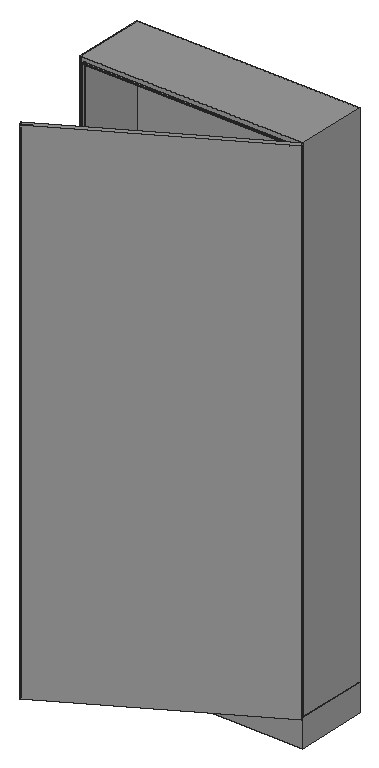
Revit family "Hager-Univers-IP55-D275-H1950-Cl.II-Steel_encl-NoHosted-NL-en", category Equipement électrique, Revit 2020
Family settings
  Configuration du panneau = Deux colonnes, circuits au sein
  Cote de connecteur circulaire = Utiliser le diamètre
  Type d'élément = Tableau de raccordement
  Basée sur le plan de construction = Oui
  Toujours verticalement = Oui
  Couper avec des vides une fois chargée = Non
  Partagée = Non
  Point de calcul de pièce = Non
Parameters (values of type "Floor installation IP55 W800 H1950 D275  - FR23S1")
  Width Control [instance] = if([EF000008 - Width] > Min Width, [EF000008 - Width], Min Width)  # 800 mm
  Commentaires du type = [HG000003 - Range]  # "Univers"
  Thickness Door [instance] = if([EF009171 - Material plate thickness door/cover] > 3 mm, 3 mm, [EF009171 - Material plate thickness door/cover])  # 1.5 mm
  Seal Frame Offset [instance] = 17 mm  # constant formula
  Plinth Visibility [instance] = [HG000027 - Plinth height] > 0 mm  # yes
  Min Width [instance] = 100 mm  # constant formula
  Min Depth [instance] = (2 * [EF009170 - Material plate thickness cabinet]) + 1 mm  # 4 mm
  Min Height [instance] = 100 mm  # constant formula
  Internal Frame Depth [instance] = (Door System Depth * 0.5)  # 9 mm
  Panel Name [instance] = ""  # (empty or 0)
  Model = ""
  HG000027 - Plinth height = 100 mm
  HG000026 - Floor standing = yes
  HG000024 - Bottom section height = 600 mm
  HG000023 - Double section enclosure = no
  HG000016 - Door 3d visibility [instance] = yes
  HG000015 - Clearance visibility [instance] = no
  HG000014 - Door on the right [instance] = yes
  HG000013 - Door on the left [instance] = not([HG000014 - Door on the right])  # no
  HG000012 - Door swing angle [instance] = 30.00°
  HG000010 - Asymmetric doors = no
  HG000009 - Double swing door = no
  HG000006 - Flush mounted = no
  HG000004 - Manufacturer reference = "FR23S1"
  HG000003 - Range = "Univers"
  HG000002 - With door or cover = yes
  Frame Offset Bottom [instance] = 10 mm  # constant formula
  Frame Offset [instance] = 15 mm  # constant formula
  EF015940 - Cover with overpressure release = no
  EF011959 - Degree of protection (NEMA) = ""
  EF009554 - Number of openings for flange plates = 6
  EF009212 - Cover model = "EV000116 - Closed"
  EF009171 - Material plate thickness door/cover = 1.5 mm
  EF009170 - Material plate thickness cabinet = 1.5 mm
  EF008873 - Nominal current (In) = 800 A
  EF007800 - Suitable for lightning protection = no
  EF006306 - With lock = no
  EF006244 - Transparent cover/door = no
  EF005474 - Degree of protection (IP) = "EV006420 - IP55"
  EF004464 - Type of door = "EV002646 - Single"
  EF004427 - Number of modules = 432
  EF004293 - Impact strength = "EV008784 - IK10"
  EF003532 - Suitable for outdoor use = no
  EF002950 - Width in number of modular spacings = 24
  EF001613 - Circuit integrity = "EV000494 - None"
  EF001596 - Material housing = "EV000179 - Steel"
  EF001131 - Internal depth = 275 mm
  EF001088 - Extension possible = yes
  EF000437 - Number of conduit inlets = 6
  EF000339 - Type of cover = "EV004216 - Door"
  EF000266 - Number of rows = 12
  EF000218 - Built-in depth = 0 mm
  EF000118 - With mounting plate = no
  EF000116 - RAL-number = "7035"
  EF000049 - Depth = 275 mm
  EF000040 - Height = 1950 mm
  EF000008 - Width = 800 mm
  EF000007 - Colour = "EV000270 - Grey"
  EF000003 - Mounting method = "EV012274 - Floor installation"
  Door System Leaf Tolerance [instance] = 1.5 mm  # constant formula
  Door System Depth [instance] = 18 mm  # constant formula
  Door Height [instance] = Height Control - [HG000027 - Plinth height]  # 1850 mm
  Description = ""
  Default Elevation = 1219.2 mm
  Connector Offset [instance] = Height Control / 2  # 975 mm
  Fabricant = "Hager"  # constant formula
  Height Control [instance] = if([EF000040 - Height] > Min Height, [EF000040 - Height], Min Height)  # 1950 mm
  Depth Control [instance] = if([EF000049 - Depth] > Min Depth, [EF000049 - Depth], Min Depth)  # 275 mm
  Bottom Top Plate Trim [instance] = 1.5 mm  # constant formula
  Plinth height Ctrl [instance] = if([HG000027 - Plinth height] > 0 mm, [HG000027 - Plinth height], 12 mm)  # 100 mm
Types (11, lengths in mm): name | Width Control | HG000010 - Asymmetric doors | HG000009 - Double swing door | HG000004 - Manufacturer reference | EF009554 - Number of openings for flange plates | EF006244 - Transparent cover/door | EF004464 - Type of door | EF004427 - Number of modules | EF000437 - Number of conduit inlets | EF000008 - Width
  Floor installation IP55 W1050 H1950 D275  - FR24L1 | 1050 | yes | yes | "FR24L1" | 8 | yes | "EV003602 - Double" | 576 | 8 | 1050
  Floor installation IP55 W1050 H1950 D275  - FR24S1 | 1050 | yes | yes | "FR24S1" | 8 | no | "EV003602 - Double" | 576 | 8 | 1050
  Floor installation IP55 W1300 H1950 D275  - FR25L1 | 1300 | yes | yes | "FR25L1" | 10 | yes | "EV003602 - Double" | 720 | 10 | 1300
  Floor installation IP55 W1300 H1950 D275  - FR25S1 | 1300 | yes | yes | "FR25S1" | 10 | no | "EV003602 - Double" | 720 | 10 | 1300
  Floor installation IP55 W1550 H1950 D275  - FR26L1 | 1550 | yes | yes | "FR26L1" | 12 | yes | "EV003602 - Double" | 864 | 12 | 1550
  Floor installation IP55 W1550 H1950 D275  - FR26S1 | 1550 | yes | yes | "FR26S1" | 12 | no | "EV003602 - Double" | 864 | 12 | 1550
  Floor installation IP55 W300 H1950 D275  - FR21S1 | 300 | no | no | "FR21S1" | 2 | no | "EV002646 - Single" | 144 | 2 | 300
  Floor installation IP55 W550 H1950 D275  - FR22L1 | 550 | no | no | "FR22L1" | 4 | yes | "EV002646 - Single" | 288 | 4 | 550
  Floor installation IP55 W550 H1950 D275  - FR22S1 | 550 | no | no | "FR22S1" | 4 | no | "EV002646 - Single" | 288 | 4 | 550
  Floor installation IP55 W800 H1950 D275  - FR23L1 | 800 | no | no | "FR23L1" | 6 | yes | "EV002646 - Single" | 432 | 6 | 800
  Floor installation IP55 W800 H1950 D275  - FR23S1 | 800 | no | no | "FR23S1" | 6 | no | "EV002646 - Single" | 432 | 6 | 800
Reference planes
  plane 1 "Center (Front/Back)": y = 0
  plane 2: z = 0
  plane 3 "Center (Left/Right)": x = 0
  plane 4: y = 0
  plane 5: y = 0
  plane 6: z = 0
  plane 7: x = -400
  plane 8: x = 400
  plane 9: x = 398.5
  plane 10: x = -398.5
  plane 11: z = 100
  plane 12: z = 101.5
  plane 13: y = -275
  plane 14: y = -1.5
  plane 15: x = 0
  plane 16: y = -257
  plane 17: y = -273.5
  plane 18: y = -255.5
  plane 19: x = -383.5
  plane 20: x = 383.5
  plane 21: z = 111.5
  plane 22: x = -383
  plane 23: x = 383
  plane 24: z = 100
  plane 25: z = 1950
  plane 26: z = 1950
  plane 27: z = 1933.5
  plane 28: z = 1948.5
Forms (mm)
  Extrusion 1, solid, material "Hager_Steel_RAL7035_Light_Grey", detail levels medium+fine
    sketch origin (-208.679, -4572, 100) x (-1, 0, 0) y (0, -1, 0)
      loop
        line (191.321, -4315) -> (-608.679, -4315) -> (-608.679, -4572) -> (191.321, -4572) -> (191.321, -4315)
    from 0 to 1850
  Extrusion 2, void
    sketch origin (-350.771, -275, 1219.2) x (1, 0, 0) y (0, 0, 1)
      loop
        line (-47.729, 729.3) -> (-47.729, -1117.7) -> (749.271, -1117.7) -> (749.271, 729.3) -> (-47.729, 729.3)
    from -19.5 to -273.5
  Extrusion 3, void
    sketch origin (-290.084, -257, 1219.2) x (1, 0, 0) y (0, 0, 1)
      loop
        line (-93.416, -1107.7) -> (673.584, -1107.7) -> (673.584, 714.3) -> (-93.416, 714.3) -> (-93.416, -1107.7)
    from 0 to -1.5
  Extrusion 4, solid, material "Hager_Steel_RAL7035_Light_Grey", visible <- "Plinth Visibility", detail levels medium+fine
    sketch origin (0, 0, 0) x (1, 0, 0) y (0, 1, 0)
      loop
        line (-400, 0) -> (-400, -257) -> (400, -257) -> (400, 0) -> (-400, 0)
    from 0 to 100 <- "Plinth height Ctrl"
  Extrusion 5, solid, material "Hager_Steel_RAL7035_Light_Grey", detail levels coarse
    sketch origin (0, 0, 0) x (1, 0, 0) y (0, 1, 0)
      loop
        line (-400, 0) -> (-400, -275) -> (400, -275) -> (400, 0) -> (-400, 0)
    from 0 to 1950 <- "Height Control"
  Sweep 6, void
    path in 3D
      loop
        line (-400, -257, 100) -> (400, -257, 100) -> (400, 0, 100) -> (-400, 0, 100) -> (-400, -257, 100)
    profile origin (-400, -128.5, 100) x (1, 0, 0) y (0, 0, 1)
      loop
        line (0, 0) -> (0, -1.5) -> (1.5, -1.5)
        arc (1.5, -1.5) -> (1.061, -0.439) -> (0, 0) r 1.5
  Extrusion 7, solid, material "Hager_Steel_RAL7035_Light_Grey", detail levels fine
    sketch origin (-400, -257, 100) x (1, 0, 0) y (0, 0, 1)
      loop
        line (16.5, 11.5) -> (783.5, 11.5) -> (783.5, 1833.5) -> (16.5, 1833.5) -> (16.5, 11.5)
      loop
        line (15, 10) -> (785, 10) -> (785, 1835) -> (15, 1835) -> (15, 10)
    from 0 to 9 <- "Internal Frame Depth"
Cuts and joins
  Extrusion 2, Extrusion 3 cuts Extrusion 1
  Sweep 6 cuts Extrusion 4
Lines and regions (mm)
  Masking region 1
    outline origin (0, 0, 0) x (1, 0, 0) y (0, 1, 0)
      loop
        line (-400, 0) -> (-400, -275) -> (400, -275) -> (400, 0) -> (-400, 0)
  Masking region 2, detail levels coarse
    outline origin (-290.084, -257, 1219.2) x (-1, 0, 0) y (0, 0, 1)
      loop
        line (-690.084, -1219.2) -> (109.916, -1219.2) -> (109.916, 730.8) -> (-690.084, 730.8) -> (-690.084, -1219.2)
  Masking region 3, detail levels coarse
    outline origin (0, 0, 0) x (0, 1, 0) y (0, 0, 1)
      loop
        line (0, 0) -> (0, 1950) -> (-275, 1950) -> (-275, 0) -> (0, 0)
  Masking region 4, visible <- "Plinth Visibility", detail levels medium+fine
    outline origin (0, 0, 0) x (0, 1, 0) y (0, 0, 1)
      loop
        line (-1.5, 100) -> (-255.5, 100)
        arc (-255.5, 100) -> (-255.939, 98.939) -> (-257, 98.5) r 1.5
        line (-257, 98.5) -> (-257, 0) -> (0, 0) -> (0, 98.5)
        arc (0, 98.5) -> (-1.061, 98.939) -> (-1.5, 100) r 1.5
  Masking region 5, detail levels medium+fine
    outline origin (0, 0, 594.038) x (0, 1, 0) y (0, 0, 1)
      loop
        line (0, -494.038) -> (0, 1355.962) -> (-257, 1355.962) -> (-257, -494.038) -> (0, -494.038)
  Masking region 6, detail levels medium+fine
    outline origin (-359.7, -257, 1211.883) x (-1, 0, 0) y (0, 0, 1)
      loop
        line (-759.7, -1111.883) -> (40.3, -1111.883) -> (40.3, 738.117) -> (-759.7, 738.117) -> (-759.7, -1111.883)
  Masking region 7, visible <- "Plinth Visibility", detail levels medium+fine
    outline origin (-320.334, -257, 1041.368) x (-1, 0, 0) y (0, 0, 1)
      loop
        line (-720.334, -1041.368) -> (79.666, -1041.368) -> (79.666, -942.868)
        arc (79.666, -942.868) -> (78.606, -942.429) -> (78.166, -941.368) r 1.5
        line (78.166, -941.368) -> (-718.834, -941.368)
        arc (-718.834, -941.368) -> (-719.273, -942.429) -> (-720.334, -942.868) r 1.5
        line (-720.334, -942.868) -> (-720.334, -1041.368)
  sketch lines
    curve 1: line (-400, 0, 100) -> (-400, -257, 100)
    curve 2: line (-400, -257, 100) -> (400, -257, 100)
    curve 3: line (400, 0, 100) -> (-400, 0, 100)
    curve 4: line (400, -257, 100) -> (400, 0, 100)
Dimensions and locks
  locked: plane 1 "Center (Front/Back)" to plane 5
  "EF009170 - Material plate thickness cabinet": plane 7 to plane 10
  "EF009170 - Material plate thickness cabinet": plane 8 to plane 9
  equal spacing: plane 7, plane 3 "Center (Left/Right)", plane 8
  "Width Control": plane 7 to plane 8
  "Depth Control": plane 4 to plane 13
  "EF009170 - Material plate thickness cabinet": plane 4 to plane 14
  "Height Control": plane 25 to level
  "HG000027 - Plinth height": plane 11 to level
  "EF009170 - Material plate thickness cabinet": plane 12 to plane 11
  "EF009170 - Material plate thickness cabinet": plane 17 to plane 13
  "EF009170 - Material plate thickness cabinet": plane 18 to plane 16
  "Frame Offset Bottom": plane 21 to plane 12
  "Frame Offset": plane 10 to plane 19
  "Frame Offset": plane 9 to plane 20
  "Door System Depth": plane 16 to plane 13
  "Seal Frame Offset": plane 7 to plane 22
  "Seal Frame Offset": plane 8 to plane 23
  "EF009170 - Material plate thickness cabinet": plane 26 to plane 28
  "Frame Offset": plane 28 to plane 27
  "Connector Offset": plane 2 to connector elem
  "Bottom Top Plate Trim": profile plane to Sweep 6 sketch curve
  "Bottom Top Plate Trim": Sweep 6 sketch curve to Sweep 6 sketch curve
  "Plinth height Ctrl": Masking region 4 sketch curve to level
  "Plinth height Ctrl": Masking region 7 sketch curve to level
  "Thickness Door": Extrusion 7 sketch curve to Extrusion 7 sketch curve  (x4)
  "Bottom Top Plate Trim": radius of Sweep 6 sketch curve
  "Bottom Top Plate Trim": radius of Masking region 4 sketch curve  (x2)
  "Bottom Top Plate Trim": radius of Masking region 7 sketch curve  (x2)
  aligned and locked: Extrusion 2 sketch curve to plane 12
  aligned and locked: Extrusion 2 sketch curve to plane 9
  aligned and locked: Extrusion 2 sketch curve to plane 10
  aligned and locked: Extrusion 2 to plane 14
  aligned and locked: Extrusion 1 sketch curve to plane 4
  aligned and locked: plane 8 to Extrusion 1 sketch curve
  aligned and locked: plane 7 to Extrusion 1 sketch curve
  aligned and locked: Extrusion 2 to plane 18
  aligned and locked: Extrusion 3 sketch curve to plane 19
  aligned and locked: plane 20 to Extrusion 3 sketch curve
  aligned and locked: Extrusion 3 to Extrusion 2
  aligned and locked: Extrusion 3 sketch curve to plane 21
  aligned and locked: plane 3 "Center (Left/Right)" to nested 1
  aligned and locked: Extrusion 1 sketch curve to plane 16
  aligned and locked: Extrusion 4 sketch curve to cut or joined group of Extrusion 1, Extrusion 2, Extrusion 3
  aligned and locked: Masking region 1 sketch curve to plane 7
  aligned and locked: Masking region 1 sketch curve to plane 5
  aligned and locked: Masking region 1 sketch curve to plane 8
  aligned and locked: Masking region 2 sketch curve to level
  aligned and locked: level to Masking region 3 sketch curve
  aligned and locked: plane 1 "Center (Front/Back)" to Masking region 3 sketch curve
  aligned and locked: plane 13 to Masking region 3 sketch curve
  aligned and locked: plane 5 to Masking region 4 sketch curve
  aligned and locked: Masking region 2 sketch curve to plane 8
  aligned and locked: Masking region 2 sketch curve to plane 7
  aligned and locked: plane 7 to nested 2
  aligned and locked: nested 2 to plane 5
  aligned and locked: plane 5 to Masking region 5 sketch curve
  aligned and locked: plane 26 to Masking region 5 sketch curve
  aligned and locked: Extrusion 5 sketch curve to plane 8
  aligned and locked: Extrusion 5 sketch curve to plane 7
  aligned and locked: Extrusion 5 sketch curve to plane 5
  aligned and locked: Extrusion 3 sketch curve to plane 27
  aligned and locked: Extrusion 2 sketch curve to plane 28
  aligned and locked: Masking region 2 to plane 25
  aligned and locked: Extrusion 4 to plane 16
  aligned and locked: profile plane to Sweep 6 sketch curve
  aligned and locked: Masking region 5 sketch curve to plane 24
  aligned and locked: level to Masking region 4 sketch curve
  aligned and locked: Masking region 1 to plane 13
  aligned and locked: nested 1 to plane 16
  aligned and locked: Masking region 3 to plane 25
  aligned and locked: plane 16 to Masking region 4 sketch curve
  aligned and locked: Masking region 5 sketch curve to plane 16
  aligned and locked: plane 24 to plane 11
  aligned and locked: plane 26 to plane 25
  aligned and locked: plane 26 to cut or joined group of Extrusion 1, Extrusion 2, Extrusion 3
  aligned and locked: nested 1 to plane 24
  aligned and locked: Extrusion 1 to Extrusion 3
  aligned and locked: Masking region 6 sketch curve to plane 8
  aligned and locked: Masking region 6 sketch curve to plane 24
  aligned and locked: Masking region 6 sketch curve to plane 7
  aligned and locked: Masking region 6 sketch curve to plane 26
  aligned and locked: Masking region 7 sketch curve to plane 7
  aligned and locked: level to Masking region 7 sketch curve
  aligned and locked: Masking region 7 sketch curve to plane 8
  aligned and locked: Extrusion 7 sketch curve to cut or joined group of Extrusion 1, Extrusion 2, Extrusion 3  (x4)
Automatic sketch dimensions
  plane 19 to Extrusion 3 sketch curve = 0 mm
  Extrusion 3 sketch curve to plane 20 = 0 mm
  Extrusion 3 sketch curve to plane 21 = 0 mm
  Extrusion 4 sketch curve to plane 7 = 0 mm
  Extrusion 4 sketch curve to plane 8 = 0 mm
  Extrusion 4 sketch curve to plane 16 = 0 mm
  Masking region 1 sketch curve to plane 13 = 0 mm
  Masking region 2 sketch curve to plane 25 = 0 mm
  Masking region 3 sketch curve to plane 25 = 0 mm
  Extrusion 5 sketch curve to plane 13 = 0 mm
  profile plane to Sweep 6 sketch curve = 0 mm
Nested families
  nested 1: "EC000058_Univers_Door" at (0, -257, 100), Double <- "HG000009 - Double swing door", Transparent <- "EF006244 - Transparent cover/door", Angle <- "HG000012 - Door swing angle", Door_Right <- "HG000014 - Door on the right", Assymetrical <- "HG000010 - Asymmetric doors", Door <- "HG000002 - With door or cover", Width_Ctrl <- "Width Control", 3d_Door <- "HG000016 - Door 3d visibility", Clearance <- "HG000015 - Clearance visibility", Door_Left <- "HG000013 - Door on the left", Width <- "Width Control", Door_Depth <- "Door System Depth", Leaf_Tolerance <- "Door System Leaf Tolerance", Height <- "Door Height", Lock_Visibility <- "EF006306 - With lock", Thickness <- "Thickness Door", type "EC000058_Univers_Door", detail levels medium+fine
    with min_wh 4 mm, Width_Ctrl 800 mm, Width 800 mm, Transparent no, Thickness 1.5 mm, Seal_Material Hager_Rubber, Lock_Visibility no, Lock_Material Hager_Plastic_RAL9005_Jet_Black, Leaf_Width 800 mm, Leaf_Tolerance_External_Sides 0 mm, Leaf_Tolerance 1.5 mm, Leaf_Offset 0 mm, Leaf_Height 1847 mm, Leaf_2_Width 800 mm, Leaf_2_Offset 400 mm, Leaf_1_Width 800 mm, Leaf_1_Offset 400 mm, Height_Ctrl 1850 mm, Height 1850 mm, Glass_Material Hager_Glass, Double_Clearance_Ctrl no, Double no, Door_Right_Ctrl yes, Door_Right yes, Door_Material Hager_Steel_RAL7035_Light_Grey, Door_Left_Ctrl no, Door_Left no, Door_Depth 18 mm, Door yes, Clearance_Material Hager_Clearance, Clearance_Depth 800 mm, Clearance_Ctrl no, Clearance no, Assymetrical no, Angle 30.00°, 3d_Door yes
  nested 2: "Hager_Enclosure_Symbol" at (-400, 0, 0), Height <- "Depth Control", Width <- "Width Control", type "Hager_Enclosure_Symbol"
    with Width_Ctrl 800 mm, Width 800 mm, Height_Ctrl 275 mm, Height 275 mm, A_Width_Int 18.047 mm, A_Width 216.562 mm, A_Height_Ctrl 240.625 mm, A_Height 240.625 mm
Connectors
  electrical at (0, 0, 975)
    settings: on plane 1 "Center (Front/Back)", index 1, voltage 0 V, apparent load 0 VA, apparent load phase1 0 VA, apparent load phase2 0 VA, apparent load phase3 0 VA, power factor 1, load classification "Other", number of poles 1, system type 30, power factor state 1, is connector primary yes, connector utility no, sub classification motor no, connector description ""
Definition of nested family "EC000058_Univers_Door"
  Parameters (values of type "EC000058_Univers_Door")
    min_wh [instance] = (2 * Thickness) + 1 mm  # 11 mm
    Width_Ctrl [instance] = 400 mm
    Width [instance] = 500 mm
    Transparent [instance] = yes
    Thickness [instance] = 5 mm
    Seal_Material [instance] = none
    Lock_Visibility [instance] = yes
    Lock_Material [instance] = none
    Leaf_Width [instance] = if((Width_Ctrl - 2 * Leaf_Tolerance_External_Sides) > 0 mm, (Width_Ctrl - 2 * Leaf_Tolerance_External_Sides), min_wh)  # 400 mm
    Leaf_Tolerance_External_Sides [instance] = 0 mm  # constant formula
    Leaf_Tolerance [instance] = 1.5 mm
    Leaf_Offset [instance] = 0 mm  # constant formula
    Leaf_Height [instance] = if((Height_Ctrl - 2 * Leaf_Tolerance) > 0 mm, (Height_Ctrl - 2 * Leaf_Tolerance), min_wh)  # 497 mm
    Leaf_2_Width [instance] = if(and(and(Double, Assymetrical), Door_Left), (Leaf_Width / 3) - (Leaf_Tolerance / 2), if(and(and(Double, Assymetrical), Door_Right), (Leaf_Width / 3) * 2 - (Leaf_Tolerance / 2), if(and(Double, not(Assymetrical)), (Leaf_Width / 2) - Leaf_Tolerance, Leaf_Width)))  # 400 mm
    Leaf_2_Offset [instance] = if(and(Double, Assymetrical), Leaf_2_Width / 2, if(and(Double, not(Assymetrical)), Leaf_Width / 4, Leaf_Width / 2))  # 200 mm
    Leaf_1_Width [instance] = if(and(and(Double, Assymetrical), Door_Right), (Leaf_Width / 3) - (Leaf_Tolerance / 2), if(and(and(Double, Assymetrical), Door_Left), (Width / 3) * 2 - (Leaf_Tolerance / 2), if(and(Double, not(Assymetrical)), (Leaf_Width / 2) - Leaf_Tolerance, Leaf_Width)))  # 400 mm
    Leaf_1_Offset [instance] = if(and(Double, Assymetrical), Leaf_1_Width / 2, if(and(Double, not(Assymetrical)), Leaf_Width / 4, Leaf_Width / 2))  # 200 mm
    Height_Ctrl [instance] = if(Height > min_wh, Height, min_wh)  # 500 mm
    Height [instance] = 500 mm
    Glass_Material [instance] = none
    Double_Clearance_Ctrl [instance] = and(Double, Clearance)  # no
    Double [instance] = no
    Door_Right_Ctrl [instance] = and(or(Door_Right, Double), Door)  # yes
    Door_Right [instance] = yes
    Door_Material [instance] = none
    Door_Left_Ctrl [instance] = and(or(Door_Left, Double), Door)  # no
    Door_Left [instance] = no
    Door_Depth [instance] = 30 mm
    Door [instance] = yes
    Default Elevation = 1219.2 mm
    Clearance_Material [instance] = none
    Clearance_Depth [instance] = if(Leaf_1_Width > Leaf_2_Width, Leaf_1_Width, Leaf_2_Width)  # 400 mm
    Clearance_Ctrl [instance] = and(not(Double), Clearance)  # yes
    Clearance [instance] = yes
    Assymetrical [instance] = yes
    Angle [instance] = 30.00°
    3d_Door [instance] = yes
  Reference planes
    plane 1 "Center (Front/Back)": y = 0
    plane 2 "Bottom": z = 0
    plane 3 "Center (Left/Right)": x = 0
    plane 4: z = 500
    plane 5: x = -200
    plane 6: x = 200
    plane 7: z = 500
    plane 8: x = -200
    plane 9: z = 0
    plane 10: x = 200
    plane 11: y = 0
    plane 12: z = 1.5
    plane 13: x = -600
    plane 14: y = -400
    plane 15: x = 600
    plane 16: x = 0
    plane 17: x = 0
    plane 18: x = -200
    plane 19: x = 200
    plane 20: z = 498.5
  Forms (mm)
    Extrusion 1, solid, material <- "Clearance_Material", visible <- "Double_Clearance_Ctrl"
      sketch origin (1200, 0, 0) x (1, 0, 0) y (0, 0, -1)
        loop
          line (-1800, -498.5) -> (-600, -498.5) -> (-600, 0) -> (-1800, 0) -> (-1800, -498.5)
      from 0 to -400
  Dimensions and locks
    equal spacing: plane 5, plane 3 "Center (Left/Right)", plane 6
    "Width_Ctrl": plane 5 to plane 6
    "Leaf_Offset": plane 5 to plane 8
    "Leaf_Offset": plane 6 to plane 10
    "Leaf_Offset": plane 9 to level
    "Leaf_Offset": plane 4 to plane 7
    "Height_Ctrl": plane 4 to level
    "Leaf_Tolerance": plane 12 to plane 9
    locked: plane 11 to plane 1 "Center (Front/Back)"
    "Leaf_1_Offset": plane 18 to plane 16
    "Leaf_2_Offset": plane 17 to plane 19
    "Leaf_1_Width": plane 13 to plane 8
    "Leaf_2_Width": plane 10 to plane 15
    "Clearance_Depth": plane 14 to plane 1 "Center (Front/Back)"
    "Leaf_Tolerance_External_Sides": plane 8 to plane 18
    "Leaf_Tolerance_External_Sides": plane 19 to plane 10
    "Leaf_Tolerance": plane 7 to plane 20
    aligned and locked: level to plane 2 "Bottom"
    aligned and locked: nested 1 to plane 16
    aligned and locked: nested 2 to plane 17
    aligned and locked: Extrusion 1 to plane 13
    aligned and locked: plane 15 to Extrusion 1
    aligned and locked: Extrusion 1 to plane 14
    aligned and locked: plane 12 to nested 1
    aligned and locked: nested 2 to plane 12
    aligned and locked: Extrusion 1 to plane 11
    aligned and locked: plane 20 to Extrusion 1
    aligned and locked: nested 2 to plane 11
    aligned and locked: nested 1 to plane 11
  Automatic sketch dimensions
    Extrusion 1 sketch curve to level = 0 mm
    plane 5 to Extrusion 1 sketch curve = 400 mm
    plane 6 to Extrusion 1 sketch curve = 400 mm
    Extrusion 1 sketch curve to plane 4 = 1.5 mm
  Nested families
    nested 1: "EC000058_Univers_Door_Leaf" at (0, 0, 1.5), Width <- "Leaf_1_Width", visible <- "Door_Left_Ctrl", Leaf_Height <- "Leaf_Height", Angle <- "Angle", 3d_Door <- "3d_Door", Transparent <- "Transparent", Clearance Material <- "Clearance_Material", Clearance <- "Clearance_Ctrl", Door_Material <- "Door_Material", Glass_Material <- "Glass_Material", Door_Depth <- "Door_Depth", Lock_Material <- "Lock_Material", Seal_Material <- "Seal_Material", Lock_Visibility <- "Lock_Visibility", Thickness <- "Thickness", type "EC000058_Univers_Door_Leaf"
      with Width 400 mm, Transparent_Glass_Offset 30 mm, Transparent_Ctrl yes, Transparent yes, Thickness 5 mm, Standard no, Seal_Material none, Seal_D2 8 mm, Seal_D1 1 mm, Offset_Internal_Frame 10 mm, Lock_Width 20 mm, Lock_Visibility_3d yes, Lock_Visibility yes, Lock_Thickness_3 3 mm, Lock_Thickness_2 1 mm, Lock_Thickness_1 3 mm, Lock_Radius_Offset_2 16 mm, Lock_Radius_Offset_1 15 mm, Lock_Radius_2 5 mm, Lock_Radius 6 mm, Lock_Offset 5 mm, Lock_Material none, Lock_Height 80 mm, Lock_Cover_Top_Offset_2d 17 mm, Lock_Cover_Height -65 mm, Leaf_Height 497 mm, Internal_Seal_Thickness 8 mm, Internal_Seal_Depth_2 4.5 mm, Internal_Frame_Depth 25 mm, Glass_Thickness -1 mm, Glass_Offset -2 mm, Glass_Material none, Door_Material none, Door_Depth 30 mm, Clearance Material none, Clearance yes, Angle_Ctrl 30.00°, Angle 30.00°, 3d_Door yes
    nested 2: "EC000058_Univers_Door_Leaf" at (0, 0, 1.5) x (-1, 0, 0) z (0, 0, 1), Width <- "Leaf_2_Width", visible <- "Door_Right_Ctrl", Leaf_Height <- "Leaf_Height", Angle <- "Angle", 3d_Door <- "3d_Door", Transparent <- "Transparent", Clearance Material <- "Clearance_Material", Clearance <- "Clearance_Ctrl", Door_Material <- "Door_Material", Glass_Material <- "Glass_Material", Door_Depth <- "Door_Depth", Lock_Material <- "Lock_Material", Seal_Material <- "Seal_Material", Lock_Visibility <- "Lock_Visibility", Thickness <- "Thickness", type "EC000058_Univers_Door_Leaf"
      with Width 400 mm, Transparent_Glass_Offset 30 mm, Transparent_Ctrl yes, Transparent yes, Thickness 5 mm, Standard no, Seal_Material none, Seal_D2 8 mm, Seal_D1 1 mm, Offset_Internal_Frame 10 mm, Lock_Width 20 mm, Lock_Visibility_3d yes, Lock_Visibility yes, Lock_Thickness_3 3 mm, Lock_Thickness_2 1 mm, Lock_Thickness_1 3 mm, Lock_Radius_Offset_2 16 mm, Lock_Radius_Offset_1 15 mm, Lock_Radius_2 5 mm, Lock_Radius 6 mm, Lock_Offset 5 mm, Lock_Material none, Lock_Height 80 mm, Lock_Cover_Top_Offset_2d 17 mm, Lock_Cover_Height -65 mm, Leaf_Height 497 mm, Internal_Seal_Thickness 8 mm, Internal_Seal_Depth_2 4.5 mm, Internal_Frame_Depth 25 mm, Glass_Thickness -1 mm, Glass_Offset -2 mm, Glass_Material none, Door_Material none, Door_Depth 30 mm, Clearance Material none, Clearance yes, Angle_Ctrl 30.00°, Angle 30.00°, 3d_Door yes
  Definition of nested family "EC000058_Univers_Door_Leaf"
    Parameters (values of type "EC000058_Univers_Door_Leaf")
      Width [instance] = 2000 mm
      Transparent_Glass_Offset [instance] = 30 mm
      Transparent_Ctrl [instance] = and(Transparent, [3d_Door])  # yes
      Transparent [instance] = yes
      Thickness [instance] = 5 mm
      Standard [instance] = and(not(Transparent), [3d_Door])  # no
      Seal_Material [instance] = none
      Seal_D2 [instance] = 8 mm  # constant formula
      Seal_D1 [instance] = 1 mm  # constant formula
      Offset_Internal_Frame [instance] = 10 mm  # constant formula
      Lock_Width [instance] = 20 mm  # constant formula
      Lock_Visibility_3d [instance] = and(Lock_Visibility, [3d_Door])  # yes
      Lock_Visibility [instance] = yes
      Lock_Thickness_3 [instance] = 3 mm  # constant formula
      Lock_Thickness_2 [instance] = 1 mm  # constant formula
      Lock_Thickness_1 [instance] = 3 mm  # constant formula
      Lock_Radius_Offset_2 [instance] = Lock_Radius_Offset_1 + 1 mm  # 16 mm
      Lock_Radius_Offset_1 [instance] = 15 mm  # constant formula
      Lock_Radius_2 [instance] = Lock_Radius - 1 mm  # 5 mm
      Lock_Radius [instance] = 6 mm  # constant formula
      Lock_Offset [instance] = 5 mm  # constant formula
      Lock_Material [instance] = none
      Lock_Height [instance] = 80 mm  # constant formula
      Lock_Cover_Top_Offset_2d [instance] = Lock_Radius_Offset_2 + 1 mm  # 17 mm
      Lock_Cover_Height [instance] = -(Lock_Height - Lock_Radius_Offset_1)  # -65 mm
      Leaf_Height [instance] = 2720.336 mm
      Internal_Seal_Thickness [instance] = 8 mm  # constant formula
      Internal_Seal_Depth_2 [instance] = 4.5 mm  # constant formula
      Internal_Frame_Depth [instance] = if(Door_Depth - Thickness > 5 mm, Door_Depth - Thickness, 5 mm)  # 25 mm
      Glass_Thickness [instance] = if(Thickness > 15 mm, Glass_Offset + 10 mm, -1 mm)  # -1 mm
      Glass_Offset [instance] = if(Thickness > 15 mm, -(Thickness + 10 mm) / 2, -2 mm)  # -2 mm
      Glass_Material [instance] = none
      Door_Material [instance] = none
      Door_Depth [instance] = 30 mm
      Default Elevation = 0 mm
      Clearance Material [instance] = none
      Clearance [instance] = yes
      Angle_Ctrl [instance] = if(Angle > 180.00°, 180.00°, Angle)  # 90.00°
      Angle [instance] = 90.00°
      3d_Door [instance] = yes
    Reference planes
      plane 1 "Center (Front/Back)": y = 0
      plane 2: z = 0
      plane 3 "Center (Left/Right)": x = 0
      plane 4: y = 2000
      plane 5: x = -1000
      plane 6: x = 1000
      plane 7: x = -3000
      plane 8: z = 2720.336
      plane 9: z = 30
      plane 10: z = 2690.336
      plane 11: x = 970
      plane 12: x = -970
      plane 13: y = -3
      plane 14: z = 107.833
      plane 15: y = -5
      plane 16: y = -223.314
      plane 17: x = -1000
      plane 18: z = 1360.168
      plane 19: y = 30
    Forms (mm)
      Extrusion 1, solid, material <- "Clearance Material", visible <- "Clearance"
        sketch origin (0, 0, 0) x (1, 0, 0) y (0, 0, 1)
          loop
            line (-3000, 2720.336) -> (-3000, 0) -> (1000, 0) -> (1000, 2720.336) -> (-3000, 2720.336)
        from 0 to -2000
      Extrusion 2, solid, material <- "Door_Material", visible <- "Standard", detail levels medium+fine
        sketch origin (-1000, 0, 0) x (0, 1, 0) y (-1, 0, 0)
          loop
            line (0, 30) -> (0, 25) -> (2000, 25) -> (2000, 30) -> (0, 30)
        from 0 to 2720.336 <- "Leaf_Height"
      Extrusion 3, solid, material <- "Door_Material", visible <- "Transparent_Ctrl", detail levels medium+fine
        sketch origin (-1000, 0, 0) x (0, 1, 0) y (-1, 0, 0)
          loop
            line (0, 25) -> (2000, 25) -> (2000, 30) -> (0, 30) -> (0, 25)
        from 0 to 2720.336 <- "Leaf_Height"
      Extrusion 4, void
        sketch origin (-1025, 2000, 0) x (0, 1, 0) y (0, 0, -1)
          loop
            line (-30, -2690.336) -> (-30, -30) -> (-1970, -30) -> (-1970, -2690.336) -> (-30, -2690.336)
        from 0 to 5 <- "Thickness"
      Sweep 5, solid, material <- "Seal_Material", visible <- "Transparent_Ctrl", detail levels fine
        path in 3D
          loop
            line (-1025, 30, 30) -> (-1025, 30, 2690.336) -> (-1025, 1970, 2690.336) -> (-1025, 1970, 30) -> (-1025, 30, 30)
        profile origin (-1025, 1000, 30) x (1, 0, 0) y (0, 0, 1)
          loop
            line (0, 0) -> (0, -8) -> (1, -8) -> (1, 0) -> (0, 0)
      Extrusion 6, solid, material <- "Glass_Material", visible <- "Transparent_Ctrl", detail levels medium+fine
        sketch origin (-1030, 0, 0) x (0, 1, 0) y (0, 0, -1)
          loop
            line (1970, -2690.336) -> (1970, -30) -> (30, -30) -> (30, -2690.336) -> (1970, -2690.336)
        from -2 <- "Glass_Offset" to -1 <- "Glass_Thickness"
      Extrusion 7, solid, material <- "Door_Material", visible <- "3d_Door", detail levels medium+fine
        sketch origin (-1025, 2000, 0) x (0, -1, 0) y (0, 0, -1)
          loop
            line (0, -2720.336) -> (2000, -2720.336) -> (2000, 0) -> (0, 0) -> (0, -2720.336)
          loop
            line (1995, -5) -> (5, -5) -> (5, -2715.336) -> (1995, -2715.336) -> (1995, -5)
        from 0 to 25 <- "Internal_Frame_Depth"
      Sweep 8, solid, material <- "Seal_Material", visible <- "Transparent_Ctrl", detail levels fine
        path in 3D
          loop
            line (-1025, 0, 0) -> (-1025, 2000, 0) -> (-1025, 2000, 2720.336) -> (-1025, 0, 2720.336) -> (-1025, 0, 0)
        profile origin (-1025, 0, 1360.168) x (1, 0, 0) y (0, 1, 0)
          loop
            line (0, 10) -> (2.975, 10)
            arc (2.975, 10) -> (4.053, 10.447) -> (4.5, 11.525) r 1.525
            line (4.5, 11.525) -> (4.5, 16.527)
            arc (4.5, 16.527) -> (4.069, 17.569) -> (3.027, 18) r 1.473
            line (3.027, 18) -> (0, 18) -> (0, 10)
      Extrusion 9, solid, material <- "Lock_Material", visible <- "Lock_Visibility_3d", detail levels fine
        sketch origin (-1030, 0, 0) x (0, 1, 0) y (0, 0, -1)
          loop
            arc (1993.5, -1400.168) -> (1994.561, -1399.729) -> (1995, -1398.668) r 1.5
            line (1995, -1398.668) -> (1995, -1320.168) -> (1975, -1320.168) -> (1975, -1398.668)
            arc (1975, -1398.668) -> (1975.439, -1399.729) -> (1976.5, -1400.168) r 1.5
            line (1976.5, -1400.168) -> (1993.5, -1400.168)
        from 3 <- "Lock_Thickness_1" to 0
      Blend 10, solid, material <- "Lock_Material", visible <- "Lock_Visibility_3d", detail levels fine
        base sketch origin (-1033, 0, 0) x (0, 1, 0) y (0, 0, -1)
          loop
            line (1975, -1320.168) -> (1975, -1398.668)
            arc (1975, -1398.668) -> (1975.439, -1399.729) -> (1976.5, -1400.168) r 1.5
            line (1976.5, -1400.168) -> (1993.5, -1400.168)
            arc (1993.5, -1400.168) -> (1994.561, -1399.729) -> (1995, -1398.668) r 1.5
            line (1995, -1398.668) -> (1995, -1320.168) -> (1975, -1320.168)
        top sketch origin (-1033, 0, 0) x (0, 1, 0) y (0, 0, -1)
          loop
            line (1976, -1320.168) -> (1976, -1398.668)
            arc (1976, -1398.668) -> (1976.146, -1399.022) -> (1976.5, -1399.168) r 0.5
            line (1976.5, -1399.168) -> (1993.5, -1399.168)
            arc (1993.5, -1399.168) -> (1993.854, -1399.022) -> (1994, -1398.668) r 0.5
            line (1994, -1398.668) -> (1994, -1320.168) -> (1976, -1320.168)
        from 0 to 1 <- "Lock_Thickness_2"
      Blend 11, solid, material <- "Lock_Material", visible <- "Lock_Visibility_3d", detail levels fine
        base sketch origin (-1034, 0, 0) x (0, 1, 0) y (0, 0, -1)
          loop
            line (1978, -1320.168) -> (1978, -1384.168)
            arc (1978, -1384.168) -> (1985, -1391.168) -> (1992, -1384.168) r 7
            line (1992, -1384.168) -> (1992, -1320.168) -> (1978, -1320.168)
        top sketch origin (-1034, 0, 0) x (0, 1, 0) y (0, 0, -1)
          loop
            line (1991, -1320.168) -> (1979, -1320.168) -> (1979, -1383.168)
            arc (1979, -1383.168) -> (1985, -1389.168) -> (1991, -1383.168) r 6
            line (1991, -1383.168) -> (1991, -1320.168)
        from 0 to 3 <- "Lock_Thickness_3"
      Extrusion 12, solid, material <- "Lock_Material", visible <- "Lock_Visibility_3d", detail levels fine
        sketch origin (-1030, 1975, 1320.168) x (1, 0, 0) y (0, -1, 0)
          loop
            line (-7, -19) -> (-7, -1) -> (0, -1) -> (0, 0) -> (-8, 0) -> (-8, -20) -> (0, -20) -> (0, -19) -> (-7, -19)
        from 0 to -65 <- "Lock_Cover_Height"
      Extrusion 13, void
        sketch origin (-1038, 1995, 1320.168) x (-1, 0, 0) y (0, 0, -1)
          loop
            line (-5, -65) -> (0, -65) -> (-5, -60) -> (-5, -65)
        from 0 to 20 <- "Lock_Width"
      Extrusion 14, void
        sketch origin (-1038, 1975, 1320.168) x (0, -1, 0) y (0, 0, -1)
          loop
            circle (-10, -15.995) r 6
          loop
            circle (-10, -15.995) r 5
        from 0 to 2
      Extrusion 15, solid, material <- "Lock_Material", visible <- "Lock_Visibility_3d", detail levels medium
        sketch origin (-1030, 0, 0) x (0, 1, 0) y (0, 0, -1)
          loop
            arc (1993.5, -1400.168) -> (1994.561, -1399.729) -> (1995, -1398.668) r 1.5
            line (1995, -1398.668) -> (1995, -1320.168) -> (1975, -1320.168) -> (1975, -1398.668)
            arc (1975, -1398.668) -> (1975.439, -1399.729) -> (1976.5, -1400.168) r 1.5
            line (1976.5, -1400.168) -> (1993.5, -1400.168)
        from 8 to 0
    Cuts and joins
      Extrusion 4 cuts Extrusion 3
      Extrusion 13, Extrusion 14 cuts Extrusion 9
      Extrusion 14 cuts Blend 11
      Extrusion 13, Extrusion 14 cuts Extrusion 12
      joined: Extrusion 9, Blend 10, Blend 11, Extrusion 12
      Extrusion 14 cuts Extrusion 15
    Lines and regions (mm)
      Masking region 1, visible <- "Lock_Visibility", detail levels fine
        outline origin (0, 0, 0) x (0, 1, 0) y (0, 0, 1)
          loop
            line (30, 1320.168) -> (33, 1320.168) -> (33, 1400.168) -> (30, 1400.168) -> (30, 1320.168)
      Masking region 2, visible <- "Lock_Visibility", detail levels fine
        outline origin (0, 3.143, 0) x (0, 1, 0) y (0, 0, 1)
          loop
            line (29.857, 1354.168) -> (30.857, 1354.168) -> (30.857, 1366.168) -> (29.857, 1366.168) -> (29.857, 1354.168)
      Masking region 3, detail levels medium+fine
        outline origin (0, 0, 0) x (0, 1, 0) y (0, 0, 1)
          loop
            line (0, 0) -> (30, 0) -> (30, 2720.336) -> (0, 2720.336) -> (0, 0)
      Masking region 4, detail levels medium+fine
        outline origin (0, 0, 0) x (1, 0, 0) y (0, 0, 1)
          loop
            line (-1000, 2720.336) -> (-1000, 0) -> (1000, 0) -> (1000, 2720.336) -> (-1000, 2720.336)
      Masking region 5, visible <- "Lock_Visibility", detail levels fine
        outline origin (-47.116, 0, 0) x (1, 0, 0) y (0, 0, 1)
          loop
            arc (1024.616, 1399.168) -> (1023.556, 1398.729) -> (1023.116, 1397.668) r 1.5
            line (1023.116, 1397.668) -> (1023.116, 1320.168) -> (1041.116, 1320.168) -> (1041.116, 1397.668)
            arc (1041.116, 1397.668) -> (1040.677, 1398.729) -> (1039.616, 1399.168) r 1.5
            line (1039.616, 1399.168) -> (1024.616, 1399.168)
      Masking region 6, visible <- "Lock_Visibility", detail levels medium+fine
        outline origin (-25, 0, 0) x (1, 0, 0) y (0, 0, 1)
          loop
            arc (1001.5, 1400.168) -> (1000.439, 1399.729) -> (1000, 1398.668) r 1.5
            line (1000, 1398.668) -> (1000, 1320.168) -> (1020, 1320.168) -> (1020, 1398.668)
            arc (1020, 1398.668) -> (1019.561, 1399.729) -> (1018.5, 1400.168) r 1.5
            line (1018.5, 1400.168) -> (1001.5, 1400.168)
      Masking region 7, visible <- "Lock_Visibility", detail levels fine
        outline origin (-73.735, 0, 0) x (1, 0, 0) y (0, 0, 1)
          loop
            line (1051.735, 1382.168) -> (1065.735, 1382.168) -> (1065.735, 1384.168)
            arc (1065.735, 1384.168) -> (1058.735, 1391.168) -> (1051.735, 1384.168) r 7
            line (1051.735, 1384.168) -> (1051.735, 1382.168)
      Masking region 8, visible <- "Lock_Visibility", detail levels fine
        outline origin (-73.735, 0, 0) x (1, 0, 0) y (0, 0, 1)
          loop
            line (1052.735, 1382.168) -> (1064.735, 1382.168) -> (1064.735, 1383.168)
            arc (1064.735, 1383.168) -> (1058.735, 1389.168) -> (1052.735, 1383.168) r 6
            line (1052.735, 1383.168) -> (1052.735, 1382.168)
      Masking region 9, visible <- "Lock_Visibility", detail levels fine
        outline origin (-25, 0, 0) x (1, 0, 0) y (0, 0, 1)
          loop
            line (1020, 1320.168) -> (1020, 1382.168) -> (1000, 1382.168) -> (1000, 1320.168) -> (1020, 1320.168)
      Masking region 10, detail levels medium+fine
        outline origin (0, 0, 0) x (1, 0, 0) y (0, 0, 1)
          loop
            circle (985, 1335.144) r 6
      Masking region 11, detail levels fine
        outline origin (0, 0, 0) x (1, 0, 0) y (0, 0, 1)
          loop
            circle (985, 1335.144) r 5
      Masking region 12, visible <- "Lock_Visibility", detail levels fine
        outline origin (0, 12.767, 0) x (0, 1, 0) y (0, 0, 1)
          loop
            line (20.233, 1320.168) -> (21.233, 1320.168) -> (21.233, 1399.168) -> (20.233, 1400.168) -> (20.233, 1320.168)
      Masking region 13, visible <- "Lock_Visibility", detail levels fine
        outline origin (0, 13.767, -10) x (0, 1, 0) y (0, 0, 1)
          loop
            line (20.233, 1330.168) -> (23.233, 1330.168) -> (23.233, 1399.168) -> (20.233, 1402.168) -> (20.233, 1330.168)
      Masking region 14, visible <- "Lock_Visibility", detail levels fine
        outline origin (0, 12.767, -10) x (0, 1, 0) y (0, 0, 1)
          loop
            line (20.233, 1330.168) -> (25.233, 1330.168) -> (25.233, 1399.305) -> (20.233, 1394.305) -> (20.233, 1330.168)
      Masking region 15, visible <- "Lock_Visibility", detail levels medium
        outline origin (0, 0, 0) x (0, 1, 0) y (0, 0, 1)
          loop
            line (30, 1320.168) -> (38, 1320.168) -> (38, 1400.168) -> (30, 1400.168) -> (30, 1320.168)
      Masking region 16, visible <- "Lock_Visibility", detail levels fine
        outline origin (-1000, 0, 0) x (0, 1, 0) y (-1, 0, 0)
          loop
            line (1975, 30) -> (1995, 30) -> (1995, 38) -> (1975, 38) -> (1975, 30)
          loop
            line (1979, 37) -> (1976, 37) -> (1976, 34) -> (1978, 34) -> (1979, 37)
          loop
            line (1994, 37) -> (1991, 37) -> (1992, 34) -> (1994, 34) -> (1994, 37)
      Masking region 17, visible <- "Lock_Visibility", detail levels medium
        outline origin (-1000, 0, 0) x (0, 1, 0) y (-1, 0, 0)
          loop
            line (1975, 30) -> (1995, 30) -> (1995, 38) -> (1975, 38) -> (1975, 30)
      symbolic lines
        curve 1: line (1000, 0, 0) -> (-3000, 0, 0)
        curve 2: arc (1000, 0, 0) -> (-1000, 2000, 0) -> (-3000, 0, 0) r 2000
        curve 4: line (-1030, 0, 0) -> (-1030, 2000, 0)
      reference lines
        curve 3: line (-1000, 0, 0) -> (-1000, 2000, 0)
      symbolic lines, detail levels medium+fine
        curve 5: line (-1030, 2000, 0) -> (-1025, 2000, 0)
        curve 7: line (-1025, 0, 0) -> (-1030, 0, 0)
        curve 8: line (-1025, 0, 0) -> (-1000, 0, 0)
        curve 9: line (-1000, 0, 0) -> (-1000, 2000, 0)
        curve 10: line (-1000, 2000, 0) -> (-1025, 2000, 0)
      symbolic lines, detail levels fine
        curve 6: line (-1025, 2000, 0) -> (-1025, 0, 0)
      sketch lines
        curve 11: line (-1025, 0, 2720.336) -> (-1025, 0, 0)
        curve 12: line (-1025, 2000, 0) -> (-1025, 0, 0)
        curve 13: line (-1025, 2000, 2720.336) -> (-1025, 2000, 0)
        curve 14: line (-1025, 0, 2720.336) -> (-1025, 2000, 2720.336)
        curve 15: line (-1025, 1970, 30) -> (-1025, 30, 30)
        curve 16: line (-1025, 30, 30) -> (-1025, 30, 2690.336)
        curve 17: line (-1025, 1970, 2690.336) -> (-1025, 1970, 30)
        curve 18: line (-1025, 30, 2690.336) -> (-1025, 1970, 2690.336)
      symbolic lines, visible <- "Transparent", detail levels medium+fine
        curve 19: line (-970, 0, 2690.336) -> (970, 0, 2690.336)
        curve 20: line (-970, 0, 30) -> (-970, 0, 2690.336)
        curve 21: line (970, 0, 30) -> (-970, 0, 30)
        curve 22: line (970, 0, 2690.336) -> (970, 0, 30)
    Dimensions and locks
      "Width": plane 1 "Center (Front/Back)" to plane 4
      equal spacing: plane 5, plane 3 "Center (Left/Right)", plane 6
      "Width": plane 5 to plane 6
      "Width": plane 7 to plane 5
      "Leaf_Height": plane 8 to level
      "Width": curve 5 to curve 3
      "Width": curve 3 to curve 3
      plane 8 to plane 10 = 30 mm
      plane 9 to level = 30 mm
      plane 12 to plane 5 = 30 mm
      plane 6 to plane 11 = 30 mm
      Extrusion 1 to Extrusion 4 sketch curve = 30 mm
      "Transparent_Glass_Offset": curve 3 to Extrusion 4 sketch curve
      "Transparent_Glass_Offset": Extrusion 4 sketch curve to cut or joined group of Extrusion 3, Extrusion 4  (x2)
      cut or joined group of Extrusion 3, Extrusion 4 to Extrusion 6 sketch curve = 30 mm
      "Transparent_Glass_Offset": cut or joined group of Extrusion 3, Extrusion 4 to Extrusion 4 sketch curve
      "Thickness": curve 6 to curve 4
      "Thickness": Extrusion 7 sketch curve to Extrusion 7 sketch curve  (x4)
      "Door_Depth": curve 4 to curve 3
      "Offset_Internal_Frame": profile plane to Sweep 8 sketch curve
      "Internal_Seal_Thickness": Sweep 8 sketch curve to Sweep 8 sketch curve
      "Internal_Seal_Depth_2": profile plane to Sweep 8 sketch curve
      "Seal_D1": profile plane to Sweep 5 sketch curve
      "Seal_D2": profile plane to Sweep 5 sketch curve
      "Thickness": Extrusion 2 sketch curve to Extrusion 2 sketch curve
      equal spacing: Extrusion 9 sketch curve, plane 18, Extrusion 9 sketch curve  (x2)
      equal spacing: Masking region 1 sketch curve, plane 18, Masking region 1 sketch curve
      "Lock_Height": Masking region 1 sketch curve to Masking region 1 sketch curve
      "Lock_Radius": Masking region 2 sketch curve to plane 18 to Masking region 2 sketch curve
      Masking region 2 sketch curve to Masking region 1 = 1 mm
      "Door_Depth": plane 19 to plane 1 "Center (Front/Back)"
      "Lock_Thickness_1": Masking region 1 sketch curve to plane 19
      "Lock_Width": Extrusion 9 sketch curve to Extrusion 9 sketch curve
      "Lock_Height": Extrusion 9 sketch curve to Extrusion 9 sketch curve
      "Lock_Offset": cut or joined group of Extrusion 3, Extrusion 4 to Extrusion 9 sketch curve
      equal spacing: plane 8, plane 18, level
      "Lock_Radius_Offset_1": Blend 11 sketch curve to Blend 10
      locked: Blend 10 to Blend 11 sketch curve at 2  (x2)
      locked: var sketch to Blend 11 sketch curve at 1  (x2)
      "Lock_Radius_Offset_2": Blend 11 sketch curve to Blend 10
      locked: Extrusion 12 sketch curve to Extrusion 12 sketch curve at 1  (x3)
      Masking region 6 sketch curve to Masking region 6 sketch curve = 80 mm
      "Lock_Height": Masking region 6 sketch curve to Masking region 6 sketch curve
      "Lock_Width": Masking region 6 sketch curve to Masking region 6 sketch curve
      locked: Masking region 6 to Masking region 5 sketch curve at 1  (x3)
      locked: Masking region 5 to Masking region 7 sketch curve at 2  (x2)
      "Lock_Radius_Offset_1": Masking region 5 to Masking region 7 sketch curve
      "Lock_Radius_Offset_2": Masking region 5 to Masking region 8 sketch curve
      locked: Masking region 7 to Masking region 8 sketch curve at 1  (x2)
      "Lock_Cover_Top_Offset_2d": Masking region 5 to Masking region 9 sketch curve
      equal spacing: Masking region 9, Masking region 10 sketch curve, Masking region 9
      equal spacing: Masking region 9, Masking region 11 sketch curve, Masking region 9
      Extrusion 15 sketch curve to Extrusion 15 sketch curve = 80 mm
      "Lock_Width": Extrusion 15 sketch curve to Extrusion 15 sketch curve
      "Lock_Height": Extrusion 15 sketch curve to Extrusion 15 sketch curve
      equal spacing: Extrusion 15 sketch curve, plane 18, Extrusion 15 sketch curve
      "Lock_Thickness_3": Masking region 13 sketch curve to Masking region 13 sketch curve
      "Lock_Height": Masking region 12 sketch curve to Masking region 12 sketch curve
      locked: Masking region 13 sketch curve to Masking region 1 at 8
      locked: Masking region 14 sketch curve to Masking region 13 at 1
      locked: Masking region 14 sketch curve to Masking region 1 at 10.863
      "Lock_Height": Masking region 15 sketch curve to Masking region 15 sketch curve
      "Lock_Offset": Extrusion 15 sketch curve to cut or joined group of Extrusion 3, Extrusion 4
      "Lock_Offset": plane 6 to Masking region 6 sketch curve
      radius of Sweep 8 sketch curve = 1.525 mm
      radius of Sweep 8 sketch curve = 1.473 mm
      radius of Extrusion 9 sketch curve = 1.5 mm  (x2)
      "Lock_Radius": radius of Extrusion 14 sketch curve
      "Lock_Radius_2": radius of Extrusion 14 sketch curve
      "Lock_Radius": radius of Masking region 10 sketch curve
      "Lock_Radius_2": radius of Masking region 11 sketch curve
      radius of Extrusion 15 sketch curve = 1.5 mm  (x2)
      "Angle_Ctrl": angle plane 1 "Center (Front/Back)" to curve 3
      locked: Masking region 12 sketch curve to Masking region 12 sketch curve (angle 45.00°)
      locked: Masking region 13 sketch curve to Masking region 13 sketch curve (angle 45.00°)
      locked: Masking region 14 sketch curve to Masking region 14 sketch curve (angle 45.00°)
      aligned and locked: level to plane 2
      aligned and locked: Extrusion 1 to curve 1
      aligned and locked: plane 6 to Extrusion 1
      aligned and locked: Extrusion 1 to plane 1 "Center (Front/Back)"
      aligned and locked: plane 4 to Extrusion 1
      aligned and locked: plane 8 to Extrusion 1
      aligned and locked: curve 7 to Extrusion 2 sketch curve
      aligned and locked: curve 5 to Extrusion 2 sketch curve
      aligned and locked: curve 7 to Extrusion 3 sketch curve
      aligned and locked: Extrusion 3 sketch curve to curve 4
      aligned and locked: Extrusion 3 sketch curve to curve 6
      aligned and locked: Extrusion 3 sketch curve to curve 5
      aligned and locked: curve 9 to curve 3
      aligned and locked: Extrusion 7 sketch curve to cut or joined group of Extrusion 3, Extrusion 4  (x4)
      aligned and locked: plane 17 to curve 3
      aligned and locked: plane 1 "Center (Front/Back)" to curve 3
      aligned and locked: plane 17 to plane 5
      aligned and locked: Sweep 8 sketch curve to profile plane
      aligned and locked: Sweep 5 sketch curve to profile plane  (x2)
      aligned and locked: Masking region 1 to Masking region 2 sketch curve
      aligned and locked: plane 19 to Masking region 1 sketch curve
      aligned and locked: plane 1 "Center (Front/Back)" to Masking region 3 sketch curve
      aligned and locked: plane 19 to Masking region 3 sketch curve
      aligned and locked: level to Masking region 3 sketch curve
      aligned and locked: Masking region 3 sketch curve to plane 8
      aligned and locked: plane 17 to Masking region 4 sketch curve
      aligned and locked: level to Masking region 4 sketch curve
      aligned and locked: Masking region 4 sketch curve to plane 8
      aligned and locked: plane 12 to curve 20
      aligned and locked: plane 10 to curve 19
      aligned and locked: plane 11 to curve 22
      aligned and locked: curve 21 to plane 9
      aligned and locked: Extrusion 2 sketch curve to cut or joined group of Extrusion 3, Extrusion 4
      aligned and locked: Blend 10 sketch curve to Extrusion 9  (x4)
      aligned and locked: Extrusion 9 to Blend 10 sketch curve
      aligned and locked: Blend 10 to Blend 11 sketch curve
      aligned and locked: Extrusion 12 sketch curve to Blend 11
      aligned and locked: Extrusion 12 sketch curve to Extrusion 9  (x4)
      aligned and locked: Masking region 5 sketch curve to Masking region 6
      aligned and locked: Masking region 9 sketch curve to Masking region 6  (x3)
      aligned and locked: Masking region 12 sketch curve to Masking region 1
      aligned and locked: Masking region 13 sketch curve to Masking region 1
      aligned and locked: Masking region 12 to Masking region 14
      aligned and locked: Masking region 14 sketch curve to Masking region 1
      aligned and locked: Masking region 15 sketch curve to Masking region 14
      aligned and locked: Masking region 13 sketch curve to Masking region 12
      aligned and locked: Masking region 16 sketch curve to cut or joined group of Extrusion 14, Extrusion 15  (x4)
      aligned and locked: Masking region 16 sketch curve to cut or joined group of Extrusion 9, Blend 10, Blend 11, Extrusion 12, Extrusion 13, Extrusion 14  (x6)
      aligned and locked: cut or joined group of Extrusion 9, Blend 10, Blend 11, Extrusion 12, Extrusion 13, Extrusion 14 to Masking region 16 sketch curve
      aligned and locked: Masking region 17 sketch curve to cut or joined group of Extrusion 14, Extrusion 15  (x3)
      aligned and locked: Masking region 17 sketch curve to cut or joined group of Extrusion 9, Blend 10, Blend 11, Extrusion 12, Extrusion 13, Extrusion 14
      aligned and locked: Masking region 9 to Masking region 8 sketch curve
      aligned and locked: Masking region 9 to Masking region 7 sketch curve
    Automatic sketch dimensions
      plane 1 "Center (Front/Back)" to curve 2 = 0 mm
      curve 2 to plane 5 = 0 mm
      Extrusion 1 sketch curve to level = 0 mm
      Extrusion 1 sketch curve to plane 7 = 0 mm
      Extrusion 1 sketch curve to plane 6 = 0 mm
      Extrusion 1 sketch curve to plane 8 = 0 mm
      Extrusion 3 to Extrusion 6 sketch curve = 30 mm  (x4)
      Masking region 4 sketch curve to plane 6 = 0 mm
      Blend 10 sketch curve to Extrusion 9 = 1.5 mm
      Blend 10 sketch curve to Extrusion 9 = 1 mm
      Extrusion 13 sketch curve to Extrusion 12 = 0 mm  (x2)
      Extrusion 12 to Extrusion 13 sketch curve = 3 mm
      Extrusion 13 sketch curve to Extrusion 12 = 5 mm
      Extrusion 14 sketch curve to Extrusion 14 sketch curve = 0 mm  (x2)
      Extrusion 14 sketch curve to Extrusion 12 = 10 mm
      Extrusion 14 sketch curve to Extrusion 12 = 15.995 mm
      Masking region 5 sketch curve to Masking region 5 sketch curve = 1.5 mm  (x2)
      Masking region 10 sketch curve to plane 18 = 25.024 mm
      Masking region 11 sketch curve to plane 18 = 25.024 mm
      plane 19 to Masking region 14 sketch curve = 3 mm
      Masking region 16 sketch curve to Masking region 16 sketch curve = 3 mm
      curve 4 to curve 3 = 0 mm
      Blend 10 to Blend 11 sketch curve = 0 mm
      Masking region 6 sketch curve to Masking region 6 sketch curve = 1.5 mm  (x2)
      Masking region 6 sketch curve to plane 18 = 40 mm
      plane 19 to Masking region 12 sketch curve = 3 mm
      Masking region 12 sketch curve to Masking region 12 sketch curve = 1 mm
      Masking region 15 sketch curve to plane 19 = 0 mm
      Masking region 15 sketch curve to plane 18 = 40 mm
      radius of Blend 10 sketch curve to Extrusion 9 = 1 mm
Definition of nested family "Hager_Enclosure_Symbol"
  Parameters (values of type "Hager_Enclosure_Symbol")
    Width_Ctrl [instance] = if(Width > 1 mm, Width, 1 mm)  # 102.27 mm
    Width [instance] = 102.27 mm
    Height_Ctrl [instance] = if(Height > 1 mm, Height, 1 mm)  # 66.5 mm
    A_Width_Int [instance] = if(A_Width / 12 > 2 mm, A_Width / 12, 2 mm)  # 4.364 mm
    A_Width [instance] = if(A_Height_Ctrl * 0.9 > 2 mm, A_Height_Ctrl * 0.9, 2 mm)  # 52.369 mm
    A_Height_Ctrl [instance] = if(A_Height > 2 mm, A_Height, 2 mm)  # 58.188 mm
    Height [instance] = 66.5 mm
    A_Height [instance] = Height - (Height / 8)  # 58.188 mm
  Reference planes
    plane 1 "Centre (avant/arrière)": y = 0
    plane 2: z = 0
    plane 3 "Centre (gauche/droite)": x = 0
    plane 4: x = 52.369
    plane 5: y = 33.042
    plane 6: y = 41.77
    plane 7: y = 66.5
    plane 8: x = 26.184
    plane 9: y = 37.406
    plane 10: x = 102.27
    plane 11: y = 66.5
    plane 12: y = 8.313
  Lines and regions (mm)
    Filled region 1, type "Solid_Black", in view "Niveau de réf."
      outline origin (0, 0, 0) x (1, 0, 0) y (0, 1, 0)
        loop
          line (52.369, 66.5) -> (33.188, 54.536) -> (45.365, 45.006) -> (52.369, 66.5)
    Filled region 2, type "Solid_Black", in view "Niveau de réf."
      outline origin (0, 0, 0) x (1, 0, 0) y (0, 1, 0)
        loop
          line (0, 0) -> (102.27, 0) -> (102.27, 66.5) -> (0, 0)
    detail lines, in view "Niveau de réf."
      curve 1: line (0, 8.313, 0) -> (26.184, 41.77, 0)
      curve 2: line (26.184, 41.77, 0) -> (26.184, 33.042, 0)
      curve 3: line (26.184, 33.042, 0) -> (52.369, 66.5, 0)
  Dimensions and locks
    "A_Width": plane 3 "Centre (gauche/droite)" to plane 4
    equal spacing: plane 3 "Centre (gauche/droite)", plane 8, plane 4
    equal spacing: plane 6, plane 9, plane 5
    equal spacing: curve 3, Filled region 1 sketch curve, Filled region 1 sketch curve
    "Height_Ctrl": plane 1 "Centre (avant/arrière)" to plane 11
    "A_Height_Ctrl": plane 11 to plane 12
    equal spacing: plane 11, plane 9, plane 12
    "A_Width_Int": plane 6 to plane 9
    "Width_Ctrl": plane 3 "Centre (gauche/droite)" to plane 10
    angle Filled region 1 sketch curve to curve 3 = 20.00°
    angle curve 3 to Filled region 1 sketch curve = 20.00°
    locked: curve 3 to Filled region 1 sketch curve (angle 90.00°)
    aligned and locked: plane 10 to Filled region 2
    aligned and locked: plane 11 to Filled region 2 sketch curve
    aligned and locked: plane 10 to Filled region 2 sketch curve
    aligned and locked: plane 3 "Centre (gauche/droite)" to curve 1
    aligned and locked: plane 12 to curve 1
    aligned and locked: plane 7 to plane 11
  Automatic sketch dimensions
    Filled region 1 sketch curve to plane 4 = 0 mm
    Filled region 1 sketch curve to plane 7 = 0 mm
    plane 1 "Centre (avant/arrière)" to Filled region 2 sketch curve = 0 mm
    Filled region 2 sketch curve to plane 3 "Centre (gauche/droite)" = 0 mm
    curve 2 to plane 6 = 0 mm
    curve 2 to plane 8 = 0 mm
    curve 3 to plane 4 = 0 mm
    curve 2 to plane 5 = 0 mm
    curve 3 to plane 7 = 0 mm
